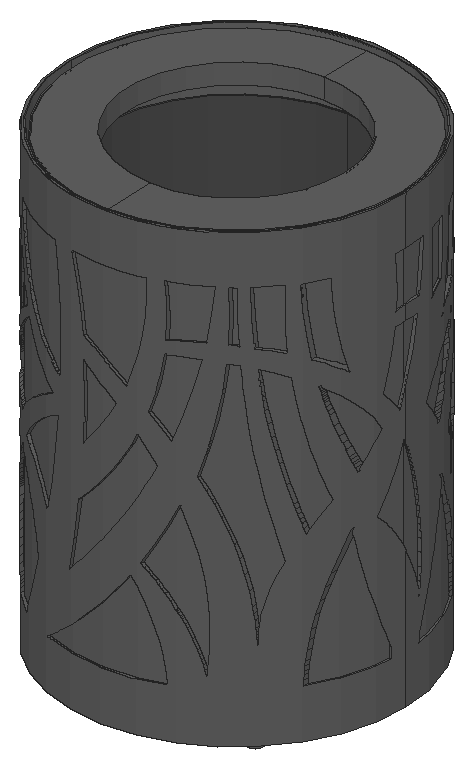
Revit family (continued)
Definition of nested family "Shell-Surface-SiteScapes-Circular-TallGrass_Large"
  Automatic sketch dimensions
    plane 11 "Pattern Bottom" to Extrusion 3 sketch curve = 0' - 2.26277"
    Extrusion 3 sketch curve to Extrusion 3 sketch curve = 0' - 0.10758"
    Extrusion 3 sketch curve to Extrusion 3 sketch curve = 0' - 0.3382"
    plane 11 "Pattern Bottom" to Extrusion 3 sketch curve = 0' - 1.92979"
    Extrusion 3 sketch curve to Extrusion 3 sketch curve = 0' - 0.1005"
    Extrusion 3 sketch curve to Extrusion 3 sketch curve = 0' - 0.16876"
    Extrusion 3 sketch curve to Extrusion 3 sketch curve = 0' - 2.06623"
    plane 11 "Pattern Bottom" to Extrusion 3 sketch curve = 0' - 1.62775"
    Extrusion 3 sketch curve to Extrusion 3 sketch curve = 0' - 0.08333"
    Extrusion 3 sketch curve to Extrusion 3 sketch curve = 0' - 0.14006"
    plane 11 "Pattern Bottom" to Extrusion 3 sketch curve = 0' - 1.29416"
    Extrusion 3 sketch curve to Extrusion 3 sketch curve = 0' - 0.08394"
    Extrusion 3 sketch curve to Extrusion 3 sketch curve = 0' - 0.44068"
    Extrusion 3 sketch curve to Extrusion 3 sketch curve = 0' - 0.11195"
    plane 11 "Pattern Bottom" to Extrusion 3 sketch curve = 0' - 0.91939"
    Extrusion 3 sketch curve to Extrusion 3 sketch curve = 0' - 0.08724"
    Extrusion 3 sketch curve to Extrusion 3 sketch curve = 0' - 0.20322"
    Extrusion 3 sketch curve to Extrusion 3 sketch curve = 0' - 0 125/256"
    Extrusion 3 sketch curve to Extrusion 3 sketch curve = 0' - 0.09718"
    plane 11 "Pattern Bottom" to Extrusion 3 sketch curve = 0' - 1.86901"
    Extrusion 3 sketch curve to Extrusion 3 sketch curve = 0' - 0.35099"
    Extrusion 3 sketch curve to Extrusion 3 sketch curve = 0' - 0.05785"
    plane 11 "Pattern Bottom" to Extrusion 3 sketch curve = 0' - 2.81573"
    Extrusion 3 sketch curve to Extrusion 3 sketch curve = 0' - 0.61666"
    Extrusion 3 sketch curve to Extrusion 3 sketch curve = 0' - 0.01933"
    Extrusion 3 sketch curve to Extrusion 3 sketch curve = 0' - 0.39552"
    Extrusion 3 sketch curve to Extrusion 3 sketch curve = 0' - 2.33645"
    Extrusion 3 sketch curve to Extrusion 3 sketch curve = 0' - 0.54932"
    Extrusion 3 sketch curve to Extrusion 3 sketch curve = 0' - 0.35224"
    Extrusion 3 sketch curve to Extrusion 3 sketch curve = 0' - 1.18148"
    Extrusion 3 sketch curve to Extrusion 3 sketch curve = 0' - 0.31342"
    Extrusion 3 sketch curve to Extrusion 3 sketch curve = 0' - 1.05905"
    Extrusion 3 sketch curve to Extrusion 3 sketch curve = 0' - 0.64618"
    Extrusion 3 sketch curve to Extrusion 3 sketch curve = 0' - 0.66222"
    Extrusion 3 sketch curve to Extrusion 3 sketch curve = 0' - 0.33216"
    Extrusion 3 sketch curve to Extrusion 3 sketch curve = 0' - 0.2789"
    Extrusion 3 sketch curve to Extrusion 3 sketch curve = 0' - 0.40935"
    Extrusion 3 sketch curve to plane 5 "Pattern Top" = 0' - 3.87979"
    Extrusion 3 sketch curve to Extrusion 3 sketch curve = 0' - 0.48674"
    Extrusion 3 sketch curve to Extrusion 3 sketch curve = 0' - 0.24282"
    Extrusion 3 sketch curve to Extrusion 3 sketch curve = 0' - 0.30083"
    Extrusion 3 sketch curve to Extrusion 3 sketch curve = 0' - 0.03243"
    Extrusion 3 sketch curve to Extrusion 3 sketch curve = 0' - 0.03109"
    Extrusion 3 sketch curve to Extrusion 3 sketch curve = 0' - 0.02976"
    Extrusion 3 sketch curve to Extrusion 3 sketch curve = 0' - 0.02947"
    Extrusion 3 sketch curve to Extrusion 3 sketch curve = 0' - 0.03727"
    Extrusion 3 sketch curve to Extrusion 3 sketch curve = 0' - 0.23064"
    Extrusion 3 sketch curve to Extrusion 3 sketch curve = 0' - 0.03935"
    Extrusion 3 sketch curve to Extrusion 3 sketch curve = 0' - 0.67847"
    Extrusion 3 sketch curve to Extrusion 3 sketch curve = 0' - 0.18838"
    Extrusion 3 sketch curve to Extrusion 3 sketch curve = 0' - 0.53778"
    Extrusion 3 sketch curve to Extrusion 3 sketch curve = 0' - 0.12534"
    Extrusion 3 sketch curve to Extrusion 3 sketch curve = 0' - 0.14796"
    Extrusion 3 sketch curve to Extrusion 3 sketch curve = 0' - 0.13946"
    Extrusion 3 sketch curve to Extrusion 3 sketch curve = 0' - 0.05257"
    Extrusion 3 sketch curve to Extrusion 3 sketch curve = 0' - 0.65496"
    Extrusion 3 sketch curve to Extrusion 3 sketch curve = 0' - 0.04508"
    Extrusion 3 sketch curve to Extrusion 3 sketch curve = 0' - 0.03835"
    Extrusion 3 sketch curve to Extrusion 3 sketch curve = 0' - 0.0151"
    Extrusion 3 sketch curve to Extrusion 3 sketch curve = 0' - 0.0123"
    Extrusion 3 sketch curve to Extrusion 3 sketch curve = 0' - 0.00966"
    Extrusion 3 sketch curve to Extrusion 3 sketch curve = 0' - 0.01061"
    Extrusion 3 sketch curve to Extrusion 3 sketch curve = 0' - 0.67354"
    Extrusion 3 sketch curve to Extrusion 3 sketch curve = 0' - 0.01155"
    Extrusion 3 sketch curve to Extrusion 3 sketch curve = 0' - 0.21067"
    Extrusion 3 sketch curve to Extrusion 3 sketch curve = 0' - 0.70954"
    Extrusion 3 sketch curve to Extrusion 3 sketch curve = 0' - 0.74804"
    Extrusion 3 sketch curve to Extrusion 3 sketch curve = 0' - 0.23297"
    Extrusion 3 sketch curve to Extrusion 3 sketch curve = 0' - 0 29/256"
    Extrusion 3 sketch curve to Extrusion 3 sketch curve = 0' - 0.83851"
    Extrusion 3 sketch curve to Extrusion 3 sketch curve = 0' - 0.25412"
    Extrusion 3 sketch curve to Extrusion 3 sketch curve = 0' - 0.85024"
    Extrusion 3 sketch curve to Extrusion 3 sketch curve = 0' - 0.85712"
    Extrusion 3 sketch curve to Extrusion 3 sketch curve = 0' - 0.27238"
    Extrusion 3 sketch curve to Extrusion 3 sketch curve = 0' - 0.15492"
    Extrusion 3 sketch curve to Extrusion 3 sketch curve = 0' - 1.4075"
    Extrusion 3 sketch curve to Extrusion 3 sketch curve = 0' - 0.28727"
    Extrusion 3 sketch curve to Extrusion 3 sketch curve = 0' - 0.82143"
    Extrusion 3 sketch curve to Extrusion 3 sketch curve = 0' - 1.31495"
    Extrusion 3 sketch curve to Extrusion 3 sketch curve = 0' - 1.22168"
    Extrusion 3 sketch curve to Extrusion 3 sketch curve = 0' - 0.0387"
    Extrusion 3 sketch curve to Extrusion 3 sketch curve = 0' - 0.0349"
    Extrusion 3 sketch curve to Extrusion 3 sketch curve = 0' - 0.8341"
    Extrusion 3 sketch curve to Extrusion 3 sketch curve = 0' - 0.03118"
    Extrusion 3 sketch curve to Extrusion 3 sketch curve = 0' - 0.03641"
    Extrusion 3 sketch curve to Extrusion 3 sketch curve = 0' - 0.07203"
    Extrusion 3 sketch curve to Extrusion 3 sketch curve = 0' - 0.04018"
    Extrusion 3 sketch curve to Extrusion 3 sketch curve = 0' - 0.073"
    Extrusion 3 sketch curve to Extrusion 3 sketch curve = 0' - 0.06199"
    Extrusion 3 sketch curve to Extrusion 3 sketch curve = 0' - 0.13933"
    Extrusion 3 sketch curve to plane 5 "Pattern Top" = 0' - 0.05086"
    Extrusion 3 sketch curve to Extrusion 3 sketch curve = 0' - 0.53899"
    Extrusion 3 sketch curve to Extrusion 3 sketch curve = 0' - 0.06902"
    Extrusion 3 sketch curve to plane 9 "Right" = 0' - 2.05674"
    plane 11 "Pattern Bottom" to Extrusion 3 sketch curve = 0' - 0.36959"
    Extrusion 3 sketch curve to Extrusion 3 sketch curve = 0' - 0.00876"
    Extrusion 3 sketch curve to Extrusion 3 sketch curve = 0' - 0.07788"
    plane 11 "Pattern Bottom" to Extrusion 3 sketch curve = 0' - 0.68954"
    Extrusion 3 sketch curve to Extrusion 3 sketch curve = 0' - 0.00994"
    plane 11 "Pattern Bottom" to Extrusion 3 sketch curve = 0' - 0.97224"
    Extrusion 3 sketch curve to Extrusion 3 sketch curve = 0' - 0.01167"
    Extrusion 3 sketch curve to Extrusion 3 sketch curve = 0' - 0.01686"
    Extrusion 3 sketch curve to Extrusion 3 sketch curve = 0' - 0.1559"
    Extrusion 3 sketch curve to Extrusion 3 sketch curve = 0' - 0.01984"
    Extrusion 3 sketch curve to Extrusion 3 sketch curve = 0' - 0.08621"
    Extrusion 3 sketch curve to Extrusion 3 sketch curve = 0' - 0.05242"
    Extrusion 3 sketch curve to Extrusion 3 sketch curve = 0' - 0.06612"
    Extrusion 3 sketch curve to Extrusion 3 sketch curve = 0' - 0.17005"
    Extrusion 3 sketch curve to Extrusion 3 sketch curve = 0' - 0.80155"
    Extrusion 3 sketch curve to Extrusion 3 sketch curve = 0' - 0.07895"
    Extrusion 3 sketch curve to Extrusion 3 sketch curve = 0' - 0.12399"
    Extrusion 3 sketch curve to Extrusion 3 sketch curve = 0' - 0.1813"
    Extrusion 3 sketch curve to Extrusion 3 sketch curve = 0' - 0.06818"
    Extrusion 3 sketch curve to Extrusion 3 sketch curve = 0' - 0.80778"
    Extrusion 3 sketch curve to Extrusion 3 sketch curve = 0' - 0.02475"
    Extrusion 3 sketch curve to Extrusion 3 sketch curve = 0' - 0.02127"
    Extrusion 3 sketch curve to Extrusion 3 sketch curve = 0' - 0.06889"
    Extrusion 3 sketch curve to Extrusion 3 sketch curve = 0' - 0.01786"
    Extrusion 3 sketch curve to Extrusion 3 sketch curve = 0' - 0.01577"
    Extrusion 3 sketch curve to Extrusion 3 sketch curve = 0' - 0.06929"
    Extrusion 3 sketch curve to Extrusion 3 sketch curve = 0' - 0.01969"
    Extrusion 3 sketch curve to Extrusion 3 sketch curve = 0' - 0.02015"
    Extrusion 3 sketch curve to Extrusion 3 sketch curve = 0' - 0.06989"
    Extrusion 3 sketch curve to Extrusion 3 sketch curve = 0' - 0.0206"
    Extrusion 3 sketch curve to Extrusion 3 sketch curve = 0' - 0.02104"
    Extrusion 3 sketch curve to Extrusion 3 sketch curve = 0' - 0.0769"
    Extrusion 3 sketch curve to Extrusion 3 sketch curve = 0' - 0.06831"
    Extrusion 3 sketch curve to Extrusion 3 sketch curve = 0' - 0.15757"
    Extrusion 3 sketch curve to Extrusion 3 sketch curve = 0' - 0.04545"
    Extrusion 3 sketch curve to Extrusion 3 sketch curve = 0' - 0.06086"
    Extrusion 3 sketch curve to Extrusion 3 sketch curve = 0' - 0.04634"
    Extrusion 3 sketch curve to Extrusion 3 sketch curve = 0' - 0.06721"
    Extrusion 3 sketch curve to Extrusion 3 sketch curve = 0' - 0.06464"
    Extrusion 3 sketch curve to Extrusion 3 sketch curve = 0' - 0.0459"
    Extrusion 3 sketch curve to Extrusion 3 sketch curve = 0' - 0.07213"
    Extrusion 3 sketch curve to Extrusion 3 sketch curve = 0' - 0.06791"
    Extrusion 3 sketch curve to Extrusion 3 sketch curve = 0' - 0 241/256"
    Extrusion 3 sketch curve to plane 5 "Pattern Top" = 0' - 0.35721"
    Extrusion 3 sketch curve to Extrusion 3 sketch curve = 0' - 0.00257"
    Extrusion 3 sketch curve to Extrusion 3 sketch curve = 0' - 0.16944"
    Extrusion 3 sketch curve to Extrusion 3 sketch curve = 0' - 0.00316"
    Extrusion 3 sketch curve to Extrusion 3 sketch curve = 0' - 0.00376"
    Extrusion 3 sketch curve to Extrusion 3 sketch curve = 0' - 0.00572"
    Extrusion 3 sketch curve to Extrusion 3 sketch curve = 0' - 0.00747"
    Extrusion 3 sketch curve to Extrusion 3 sketch curve = 0' - 0.07652"
    Extrusion 3 sketch curve to Extrusion 3 sketch curve = 0' - 0.03311"
    Extrusion 3 sketch curve to Extrusion 3 sketch curve = 0' - 0.12552"
    Extrusion 3 sketch curve to Extrusion 3 sketch curve = 0' - 0 3/64"
    Extrusion 3 sketch curve to Extrusion 3 sketch curve = 0' - 0.06887"
    Extrusion 3 sketch curve to Extrusion 3 sketch curve = 0' - 0.12794"
    Extrusion 3 sketch curve to Extrusion 3 sketch curve = 0' - 0.20403"
    Extrusion 3 sketch curve to Extrusion 3 sketch curve = 0' - 0.85195"
    Extrusion 3 sketch curve to Extrusion 3 sketch curve = 0' - 0.0857"
    Extrusion 3 sketch curve to plane 9 "Right" = 0' - 0.85091"
    Extrusion 3 sketch curve to Extrusion 3 sketch curve = 0' - 0.08548"
    Extrusion 3 sketch curve to Extrusion 3 sketch curve = 0' - 0.17891"
    Extrusion 3 sketch curve to Extrusion 3 sketch curve = 0' - 0.08598"
    Extrusion 3 sketch curve to plane 9 "Right" = 0' - 0.745"
    Extrusion 3 sketch curve to Extrusion 3 sketch curve = 0' - 0.03912"
    Extrusion 3 sketch curve to plane 9 "Right" = 0' - 0.70423"
    Extrusion 3 sketch curve to Extrusion 3 sketch curve = 0' - 0.03568"
    Extrusion 3 sketch curve to Extrusion 3 sketch curve = 0' - 0.03047"
    Extrusion 3 sketch curve to Extrusion 3 sketch curve = 0' - 0.15697"
    Extrusion 3 sketch curve to Extrusion 3 sketch curve = 0' - 0.03241"
    Extrusion 3 sketch curve to Extrusion 3 sketch curve = 0' - 0.02676"
    Extrusion 3 sketch curve to Extrusion 3 sketch curve = 0' - 0.02323"
    Extrusion 3 sketch curve to Extrusion 3 sketch curve = 0' - 0.03934"
    Extrusion 3 sketch curve to Extrusion 3 sketch curve = 0' - 0.02073"
    Extrusion 3 sketch curve to Extrusion 3 sketch curve = 0' - 0.02546"
    Extrusion 3 sketch curve to Extrusion 3 sketch curve = 0' - 0.04556"
    Extrusion 3 sketch curve to Extrusion 3 sketch curve = 0' - 0.02573"
    Extrusion 3 sketch curve to Extrusion 3 sketch curve = 0' - 0.13599"
    Extrusion 3 sketch curve to Extrusion 3 sketch curve = 0' - 0.06772"
    Extrusion 3 sketch curve to plane 9 "Right" = 0' - 0.4534"
    Extrusion 3 sketch curve to Extrusion 3 sketch curve = 0' - 0.06247"
    Extrusion 3 sketch curve to Extrusion 3 sketch curve = 0' - 0.03551"
    Extrusion 3 sketch curve to plane 9 "Right" = 0' - 0.35749"
    Extrusion 3 sketch curve to Extrusion 3 sketch curve = 0' - 0.02779"
    Extrusion 3 sketch curve to Extrusion 3 sketch curve = 0' - 0.03166"
    Extrusion 3 sketch curve to plane 9 "Right" = 0' - 0.28795"
    Extrusion 3 sketch curve to Extrusion 3 sketch curve = 0' - 0.03608"
    Extrusion 3 sketch curve to plane 9 "Right" = 0' - 0.22271"
    Extrusion 3 sketch curve to plane 9 "Right" = 0' - 0.16346"
    Extrusion 3 sketch curve to plane 9 "Right" = 0' - 0.15382"
    Extrusion 3 sketch curve to plane 9 "Right" = 0' - 0.1117"
    Extrusion 3 sketch curve to plane 9 "Right" = 0' - 0.06711"
    Extrusion 3 sketch curve to plane 9 "Right" = 0' - 0.03197"
    plane 11 "Pattern Bottom" to Extrusion 3 sketch curve = 0' - 2.83071"
    plane 9 "Right" to Extrusion 3 sketch curve = 0' - 10.48685"
    plane 11 "Pattern Bottom" to Extrusion 3 sketch curve = 0' - 11.58654"
    Extrusion 3 sketch curve to Extrusion 3 sketch curve = 2' - 8.6218"
    Extrusion 3 sketch curve to level = 0' - 3.03891"
    Extrusion 3 sketch curve to Extrusion 3 sketch curve = 0' - 0.05783"
    Extrusion 3 sketch curve to plane 5 "Pattern Top" = 0' - 1.34734"
    Extrusion 3 sketch curve to Extrusion 3 sketch curve = 0' - 6.73729"
    plane 5 "Pattern Top" to Extrusion 3 sketch curve = 0' - 1.38233"
    Extrusion 3 sketch curve to Extrusion 3 sketch curve = 0' - 7.50415"
    Extrusion 3 sketch curve to Extrusion 3 sketch curve = 0' - 4.273"
    Extrusion 3 sketch curve to plane 5 "Pattern Top" = 0' - 0.84021"
    Extrusion 3 sketch curve to Extrusion 3 sketch curve = 0' - 0.56775"
    Extrusion 3 sketch curve to Extrusion 3 sketch curve = 0' - 0.26445"
    Extrusion 3 sketch curve to plane 5 "Pattern Top" = 0' - 0.73883"
    Extrusion 3 sketch curve to Extrusion 3 sketch curve = 0' - 0.10284"
    Extrusion 3 sketch curve to Extrusion 3 sketch curve = 0' - 0.22254"
    Extrusion 3 sketch curve to Extrusion 3 sketch curve = 0' - 0.53859"
    Extrusion 3 sketch curve to Extrusion 3 sketch curve = 0' - 0.24433"
    Extrusion 3 sketch curve to Extrusion 3 sketch curve = 0' - 0.25891"
    Extrusion 3 sketch curve to Extrusion 3 sketch curve = 0' - 0.35206"
    Extrusion 3 sketch curve to Extrusion 3 sketch curve = 0' - 0.53744"
    Extrusion 3 sketch curve to Extrusion 3 sketch curve = 0' - 0.37741"
    Extrusion 3 sketch curve to Extrusion 3 sketch curve = 0' - 0.19253"
    Extrusion 3 sketch curve to Extrusion 3 sketch curve = 0' - 0.53629"
    Extrusion 3 sketch curve to Extrusion 3 sketch curve = 0' - 0.17316"
    Extrusion 3 sketch curve to Extrusion 3 sketch curve = 0' - 0.82348"
    Extrusion 3 sketch curve to Extrusion 3 sketch curve = 0' - 0.20614"
    Extrusion 3 sketch curve to Extrusion 3 sketch curve = 0' - 0.37726"
    Extrusion 3 sketch curve to Extrusion 3 sketch curve = 0' - 1.52063"
    Extrusion 3 sketch curve to Extrusion 3 sketch curve = 0' - 0.10808"
    Extrusion 3 sketch curve to Extrusion 3 sketch curve = 0' - 0 137/256"
    Extrusion 3 sketch curve to Extrusion 3 sketch curve = 0' - 0.65724"
    Extrusion 3 sketch curve to Extrusion 3 sketch curve = 0' - 0.71817"
    Extrusion 3 sketch curve to Extrusion 3 sketch curve = 0' - 0.81884"
    Extrusion 3 sketch curve to Extrusion 3 sketch curve = 0' - 0.49232"
    Extrusion 3 sketch curve to Extrusion 3 sketch curve = 0' - 0.32695"
    Extrusion 3 sketch curve to Extrusion 3 sketch curve = 0' - 0.02594"
    Extrusion 3 sketch curve to Extrusion 3 sketch curve = 0' - 0.64465"
    Extrusion 3 sketch curve to Extrusion 3 sketch curve = 0' - 0.48239"
    Extrusion 3 sketch curve to Extrusion 3 sketch curve = 0' - 0.7"
    Extrusion 3 sketch curve to Extrusion 3 sketch curve = 0' - 0.9251"
    Extrusion 3 sketch curve to Extrusion 3 sketch curve = 0' - 0.47076"
    Extrusion 3 sketch curve to Extrusion 3 sketch curve = 0' - 0.63576"
    Extrusion 3 sketch curve to Extrusion 3 sketch curve = 0' - 0.05605"
    Extrusion 3 sketch curve to Extrusion 3 sketch curve = 0' - 0.02521"
    Extrusion 3 sketch curve to Extrusion 3 sketch curve = 0' - 0.68182"
    Extrusion 3 sketch curve to Extrusion 3 sketch curve = 0' - 0.27126"
    Extrusion 3 sketch curve to Extrusion 3 sketch curve = 0' - 0.25656"
    Extrusion 3 sketch curve to Extrusion 3 sketch curve = 0' - 0.6231"
    Extrusion 3 sketch curve to Extrusion 3 sketch curve = 0' - 0.95479"
    Extrusion 3 sketch curve to Extrusion 3 sketch curve = 0' - 0.33993"
    Extrusion 3 sketch curve to Extrusion 3 sketch curve = 0' - 1.11065"
    Extrusion 3 sketch curve to Extrusion 3 sketch curve = 0' - 0.24563"
    Extrusion 3 sketch curve to Extrusion 3 sketch curve = 0' - 0.17879"
    Extrusion 3 sketch curve to Extrusion 3 sketch curve = 0' - 0.66364"
    Extrusion 3 sketch curve to Extrusion 3 sketch curve = 0' - 2.66627"
    Extrusion 3 sketch curve to Extrusion 3 sketch curve = 0' - 0.34355"
    Extrusion 3 sketch curve to Extrusion 3 sketch curve = 0' - 0.07939"
    Extrusion 3 sketch curve to Extrusion 3 sketch curve = 0' - 2.29491"
    Extrusion 3 sketch curve to Extrusion 3 sketch curve = 0' - 0.28045"
    Extrusion 3 sketch curve to Extrusion 3 sketch curve = 0' - 0.0816"
    Extrusion 3 sketch curve to Extrusion 3 sketch curve = 0' - 0.06624"
    Extrusion 3 sketch curve to Extrusion 3 sketch curve = 0' - 0.24804"
    Extrusion 3 sketch curve to Extrusion 3 sketch curve = 0' - 0.3414"
    Extrusion 3 sketch curve to Extrusion 3 sketch curve = 0' - 0.56285"
    Extrusion 3 sketch curve to Extrusion 3 sketch curve = 0' - 0.2123"
    Extrusion 3 sketch curve to Extrusion 3 sketch curve = 0' - 0.49865"
    Extrusion 3 sketch curve to Extrusion 3 sketch curve = 0' - 0.90335"
    Extrusion 3 sketch curve to Extrusion 3 sketch curve = 0' - 0.17796"
    Extrusion 3 sketch curve to Extrusion 3 sketch curve = 0' - 0.20723"
    Extrusion 3 sketch curve to Extrusion 3 sketch curve = 0' - 0.45124"
    Extrusion 3 sketch curve to Extrusion 3 sketch curve = 0' - 0.5418"
    Extrusion 3 sketch curve to Extrusion 3 sketch curve = 0' - 0.99078"
    Extrusion 3 sketch curve to Extrusion 3 sketch curve = 0' - 0.24521"
    Extrusion 3 sketch curve to Extrusion 3 sketch curve = 0' - 1.04898"
    Extrusion 3 sketch curve to Extrusion 3 sketch curve = 0' - 0.24655"
    Extrusion 3 sketch curve to Extrusion 3 sketch curve = 0' - 0.1731"
    Extrusion 3 sketch curve to Extrusion 3 sketch curve = 0' - 0.40383"
    Extrusion 3 sketch curve to Extrusion 3 sketch curve = 0' - 0.40379"
    Extrusion 3 sketch curve to Extrusion 3 sketch curve = 0' - 0.14868"
    Extrusion 3 sketch curve to Extrusion 3 sketch curve = 0' - 0.89233"
    Extrusion 3 sketch curve to Extrusion 3 sketch curve = 0' - 0.52074"
    Extrusion 3 sketch curve to Extrusion 3 sketch curve = 0' - 0.13093"
    Extrusion 3 sketch curve to plane 5 "Pattern Top" = 0' - 6.75624"
    Extrusion 3 sketch curve to Extrusion 3 sketch curve = 0' - 1.64209"
    Extrusion 3 sketch curve to Extrusion 3 sketch curve = 0' - 0.53739"
    Extrusion 3 sketch curve to Extrusion 3 sketch curve = 0' - 0.15819"
    Extrusion 3 sketch curve to Extrusion 3 sketch curve = 0' - 0.36902"
    Extrusion 3 sketch curve to Extrusion 3 sketch curve = 0' - 0.35068"
    Extrusion 3 sketch curve to Extrusion 3 sketch curve = 0' - 0.16216"
    Extrusion 3 sketch curve to Extrusion 3 sketch curve = 0' - 0.13271"
    Extrusion 3 sketch curve to Extrusion 3 sketch curve = 0' - 0.31877"
    Extrusion 3 sketch curve to Extrusion 3 sketch curve = 0' - 0.49968"
    Extrusion 3 sketch curve to Extrusion 3 sketch curve = 0' - 0.12286"
    Extrusion 3 sketch curve to Extrusion 3 sketch curve = 0' - 0.29758"
    Extrusion 3 sketch curve to Extrusion 3 sketch curve = 0' - 0.05616"
    Extrusion 3 sketch curve to Extrusion 3 sketch curve = 0' - 0.52487"
    Extrusion 3 sketch curve to Extrusion 3 sketch curve = 0' - 0.39515"
    Extrusion 3 sketch curve to Extrusion 3 sketch curve = 0' - 0.43368"
    Extrusion 3 sketch curve to Extrusion 3 sketch curve = 0' - 0.08675"
    Extrusion 3 sketch curve to Extrusion 3 sketch curve = 0' - 0.15372"
    Extrusion 3 sketch curve to Extrusion 3 sketch curve = 0' - 0.35555"
    Extrusion 3 sketch curve to Extrusion 3 sketch curve = 0' - 1.16227"
    Extrusion 3 sketch curve to Extrusion 3 sketch curve = 0' - 0.09722"
    Extrusion 3 sketch curve to Extrusion 3 sketch curve = 0' - 0.12841"
    Extrusion 3 sketch curve to Extrusion 3 sketch curve = 0' - 0.09629"
    Extrusion 3 sketch curve to Extrusion 3 sketch curve = 0' - 0.32607"
    Extrusion 3 sketch curve to Extrusion 3 sketch curve = 0' - 0.10761"
    Extrusion 3 sketch curve to Extrusion 3 sketch curve = 0' - 0.1121"
    Extrusion 3 sketch curve to Extrusion 3 sketch curve = 0' - 0.53207"
    Extrusion 3 sketch curve to Extrusion 3 sketch curve = 0' - 0.46042"
    Extrusion 3 sketch curve to Extrusion 3 sketch curve = 0' - 0.43023"
    Extrusion 3 sketch curve to Extrusion 3 sketch curve = 0' - 0.13804"
    Extrusion 3 sketch curve to Extrusion 3 sketch curve = 0' - 0.37114"
    Extrusion 3 sketch curve to Extrusion 3 sketch curve = 0' - 0.34289"
    Extrusion 3 sketch curve to Extrusion 3 sketch curve = 0' - 0.13947"
    Extrusion 3 sketch curve to Extrusion 3 sketch curve = 0' - 0.36108"
    Extrusion 3 sketch curve to Extrusion 3 sketch curve = 0' - 0.14089"
    Extrusion 3 sketch curve to Extrusion 3 sketch curve = 0' - 0.38718"
    Extrusion 3 sketch curve to Extrusion 3 sketch curve = 0' - 0.14231"
    Extrusion 3 sketch curve to Extrusion 3 sketch curve = 0' - 0.8945"
    Extrusion 3 sketch curve to Extrusion 3 sketch curve = 0' - 0.48064"
    Extrusion 3 sketch curve to Extrusion 3 sketch curve = 0' - 0.50078"
    Extrusion 3 sketch curve to Extrusion 3 sketch curve = 0' - 0.37655"
    Extrusion 3 sketch curve to Extrusion 3 sketch curve = 0' - 0.15097"
    Extrusion 3 sketch curve to Extrusion 3 sketch curve = 0' - 0.1467"
    Extrusion 3 sketch curve to Extrusion 3 sketch curve = 0' - 0.3028"
    Extrusion 3 sketch curve to Extrusion 3 sketch curve = 0' - 0.12098"
    Extrusion 3 sketch curve to Extrusion 3 sketch curve = 0' - 1.16882"
    Extrusion 3 sketch curve to Extrusion 3 sketch curve = 0' - 0.50086"
    Extrusion 3 sketch curve to Extrusion 3 sketch curve = 0' - 0.5391"
    Extrusion 3 sketch curve to Extrusion 3 sketch curve = 0' - 0.39516"
    Extrusion 3 sketch curve to Extrusion 3 sketch curve = 0' - 0.13854"
    Extrusion 3 sketch curve to Extrusion 3 sketch curve = 0' - 0.30339"
    Extrusion 3 sketch curve to Extrusion 3 sketch curve = 0' - 0.33695"
    Extrusion 3 sketch curve to Extrusion 3 sketch curve = 0' - 1.42437"
    Extrusion 3 sketch curve to Extrusion 3 sketch curve = 0' - 0.30829"
    Extrusion 3 sketch curve to Extrusion 3 sketch curve = 0' - 0.17765"
    Extrusion 3 sketch curve to Extrusion 3 sketch curve = 0' - 0.30825"
    Extrusion 3 sketch curve to Extrusion 3 sketch curve = 0' - 0.29553"
    Extrusion 3 sketch curve to Extrusion 3 sketch curve = 0' - 0.24992"
    Extrusion 3 sketch curve to Extrusion 3 sketch curve = 0' - 0.41253"
    Extrusion 3 sketch curve to Extrusion 3 sketch curve = 0' - 0.52109"
    Extrusion 3 sketch curve to Extrusion 3 sketch curve = 0' - 0.30987"
    Extrusion 3 sketch curve to Extrusion 3 sketch curve = 0' - 0.03018"
    Extrusion 3 sketch curve to Extrusion 3 sketch curve = 0' - 0.23925"
    Extrusion 3 sketch curve to Extrusion 3 sketch curve = 0' - 0.25931"
    Extrusion 3 sketch curve to Extrusion 3 sketch curve = 0' - 0.24699"
    Extrusion 3 sketch curve to Extrusion 3 sketch curve = 0' - 0.50281"
    Extrusion 3 sketch curve to Extrusion 3 sketch curve = 0' - 0.15455"
    Extrusion 3 sketch curve to Extrusion 3 sketch curve = 0' - 0.2879"
    Extrusion 3 sketch curve to Extrusion 3 sketch curve = 0' - 0.07405"
    Extrusion 3 sketch curve to Extrusion 3 sketch curve = 0' - 0.11728"
    Extrusion 3 sketch curve to Extrusion 3 sketch curve = 0' - 0.13029"
    Extrusion 3 sketch curve to Extrusion 3 sketch curve = 0' - 1.08793"
    Extrusion 3 sketch curve to Extrusion 3 sketch curve = 0' - 0.0719"
    Extrusion 3 sketch curve to Extrusion 3 sketch curve = 0' - 0.17134"
    Extrusion 3 sketch curve to Extrusion 3 sketch curve = 0' - 0.15925"
    Extrusion 3 sketch curve to Extrusion 3 sketch curve = 0' - 0.32634"
    Extrusion 3 sketch curve to Extrusion 3 sketch curve = 0' - 0.37928"
    Extrusion 3 sketch curve to Extrusion 3 sketch curve = 0' - 0.19512"
    Extrusion 3 sketch curve to Extrusion 3 sketch curve = 0' - 0.14479"
    Extrusion 3 sketch curve to Extrusion 3 sketch curve = 0' - 0.36478"
    Extrusion 3 sketch curve to Extrusion 3 sketch curve = 0' - 1.64543"
    Extrusion 3 sketch curve to Extrusion 3 sketch curve = 0' - 0.12302"
    Extrusion 3 sketch curve to Extrusion 3 sketch curve = 0' - 0.77941"
    Extrusion 3 sketch curve to Extrusion 3 sketch curve = 0' - 0.10695"
    Extrusion 3 sketch curve to Extrusion 3 sketch curve = 0' - 0.29457"
    Extrusion 3 sketch curve to Extrusion 3 sketch curve = 0' - 0.13075"
    Extrusion 3 sketch curve to Extrusion 3 sketch curve = 0' - 0.90571"
    Extrusion 3 sketch curve to Extrusion 3 sketch curve = 0' - 0.13565"
    Extrusion 3 sketch curve to Extrusion 3 sketch curve = 0' - 0.21313"
    Extrusion 3 sketch curve to Extrusion 3 sketch curve = 0' - 0.10659"
    Extrusion 3 sketch curve to Extrusion 3 sketch curve = 0' - 0.45862"
    Extrusion 3 sketch curve to Extrusion 3 sketch curve = 0' - 0.51439"
    Extrusion 3 sketch curve to Extrusion 3 sketch curve = 0' - 0.21618"
    Extrusion 3 sketch curve to Extrusion 3 sketch curve = 0' - 0.29855"
    Extrusion 3 sketch curve to Extrusion 3 sketch curve = 0' - 0.79527"
    Extrusion 3 sketch curve to Extrusion 3 sketch curve = 0' - 1.08605"
    Extrusion 3 sketch curve to Extrusion 3 sketch curve = 0' - 0.19977"
    Extrusion 3 sketch curve to Extrusion 3 sketch curve = 0' - 0.31219"
    Extrusion 3 sketch curve to Extrusion 3 sketch curve = 0' - 0.19562"
    Extrusion 3 sketch curve to Extrusion 3 sketch curve = 0' - 0.51031"
    Extrusion 3 sketch curve to Extrusion 3 sketch curve = 0' - 0.90179"
    Extrusion 3 sketch curve to Extrusion 3 sketch curve = 0' - 0.22831"
    Extrusion 3 sketch curve to Extrusion 3 sketch curve = 0' - 0.32725"
    Extrusion 3 sketch curve to Extrusion 3 sketch curve = 0' - 0.77246"
    Extrusion 3 sketch curve to Extrusion 3 sketch curve = 0' - 0.26101"
    Extrusion 3 sketch curve to Extrusion 3 sketch curve = 0' - 0.48857"
    Extrusion 3 sketch curve to Extrusion 3 sketch curve = 0' - 0.51404"
    Extrusion 3 sketch curve to Extrusion 3 sketch curve = 0' - 1.01539"
    Extrusion 3 sketch curve to Extrusion 3 sketch curve = 0' - 0.45476"
    Extrusion 3 sketch curve to Extrusion 3 sketch curve = 0' - 0.23506"
    Extrusion 3 sketch curve to Extrusion 3 sketch curve = 0' - 0.67034"
    Extrusion 3 sketch curve to Extrusion 3 sketch curve = 0' - 0.38056"
    Extrusion 3 sketch curve to Extrusion 3 sketch curve = 0' - 0.21491"
    Extrusion 3 sketch curve to Extrusion 3 sketch curve = 0' - 0.40795"
    Extrusion 3 sketch curve to Extrusion 3 sketch curve = 0' - 0.74964"
    Extrusion 3 sketch curve to Extrusion 3 sketch curve = 0' - 0.48166"
    Extrusion 3 sketch curve to Extrusion 3 sketch curve = 0' - 0.19505"
    Extrusion 3 sketch curve to Extrusion 3 sketch curve = 0' - 0.37753"
    Extrusion 3 sketch curve to Extrusion 3 sketch curve = 0' - 0.36467"
    Extrusion 3 sketch curve to Extrusion 3 sketch curve = 0' - 0.99041"
    Extrusion 3 sketch curve to Extrusion 3 sketch curve = 0' - 0.2392"
    Extrusion 3 sketch curve to Extrusion 3 sketch curve = 0' - 0.0096"
    Extrusion 3 sketch curve to Extrusion 3 sketch curve = 0' - 0.04076"
    Extrusion 3 sketch curve to Extrusion 3 sketch curve = 0' - 0.05995"
    Extrusion 3 sketch curve to Extrusion 3 sketch curve = 0' - 0.26725"
    Extrusion 3 sketch curve to Extrusion 3 sketch curve = 0' - 0.09111"
    Extrusion 3 sketch curve to Extrusion 3 sketch curve = 0' - 0.06771"
    Extrusion 3 sketch curve to Extrusion 3 sketch curve = 0' - 0.08929"
    Extrusion 3 sketch curve to Extrusion 3 sketch curve = 0' - 0.37687"
    Extrusion 3 sketch curve to Extrusion 3 sketch curve = 0' - 0.50856"
    Extrusion 3 sketch curve to Extrusion 3 sketch curve = 0' - 0.3214"
    Extrusion 3 sketch curve to Extrusion 3 sketch curve = 0' - 0.11086"
    Extrusion 3 sketch curve to Extrusion 3 sketch curve = 0' - 0.85211"
    Extrusion 3 sketch curve to Extrusion 3 sketch curve = 0' - 0.07576"
    Extrusion 3 sketch curve to Extrusion 3 sketch curve = 0' - 0.72683"
    Extrusion 3 sketch curve to Extrusion 3 sketch curve = 0' - 0.0838"
    Extrusion 3 sketch curve to Extrusion 3 sketch curve = 0' - 0.08344"
    Extrusion 3 sketch curve to Extrusion 3 sketch curve = 0' - 0.36343"
    Extrusion 3 sketch curve to Extrusion 3 sketch curve = 0' - 0.49934"
    Extrusion 3 sketch curve to Extrusion 3 sketch curve = 0' - 0.32911"
    Extrusion 3 sketch curve to Extrusion 3 sketch curve = 0' - 0.01154"
    Extrusion 3 sketch curve to Extrusion 3 sketch curve = 0' - 0.014"
    Extrusion 3 sketch curve to Extrusion 3 sketch curve = 0' - 0.09383"
    Extrusion 3 sketch curve to Extrusion 3 sketch curve = 0' - 0.02159"
    Extrusion 3 sketch curve to Extrusion 3 sketch curve = 0' - 0.02985"
    Extrusion 3 sketch curve to Extrusion 3 sketch curve = 0' - 0.1162"
    Extrusion 3 sketch curve to Extrusion 3 sketch curve = 0' - 0.10677"
    Extrusion 3 sketch curve to Extrusion 3 sketch curve = 0' - 0.74561"
    Extrusion 3 sketch curve to Extrusion 3 sketch curve = 0' - 0.35248"
    Extrusion 3 sketch curve to Extrusion 3 sketch curve = 0' - 0.15055"
    Extrusion 3 sketch curve to Extrusion 3 sketch curve = 0' - 0.52802"
    Extrusion 3 sketch curve to Extrusion 3 sketch curve = 0' - 0.35138"
    Extrusion 3 sketch curve to Extrusion 3 sketch curve = 0' - 0.16873"
    Extrusion 3 sketch curve to Extrusion 3 sketch curve = 0' - 0.86073"
    Extrusion 3 sketch curve to Extrusion 3 sketch curve = 0' - 0.37564"
    Extrusion 3 sketch curve to Extrusion 3 sketch curve = 0' - 0.34612"
    Extrusion 3 sketch curve to Extrusion 3 sketch curve = 0' - 0.19925"
    Extrusion 3 sketch curve to Extrusion 3 sketch curve = 0' - 0.16184"
    Extrusion 3 sketch curve to Extrusion 3 sketch curve = 0' - 0.51301"
    Extrusion 3 sketch curve to Extrusion 3 sketch curve = 0' - 0.22976"
    Extrusion 3 sketch curve to Extrusion 3 sketch curve = 0' - 1.16391"
    Extrusion 3 sketch curve to Extrusion 3 sketch curve = 0' - 0.3988"
    Extrusion 3 sketch curve to Extrusion 3 sketch curve = 0' - 0.26027"
    Extrusion 3 sketch curve to Extrusion 3 sketch curve = 0' - 0.35627"
    Extrusion 3 sketch curve to Extrusion 3 sketch curve = 0' - 1.0569"
    Extrusion 3 sketch curve to Extrusion 3 sketch curve = 0' - 0.29628"
    Extrusion 3 sketch curve to Extrusion 3 sketch curve = 0' - 0.49714"
    Extrusion 3 sketch curve to Extrusion 3 sketch curve = 0' - 0.17647"
    Extrusion 3 sketch curve to Extrusion 3 sketch curve = 0' - 0.25133"
    Extrusion 3 sketch curve to Extrusion 3 sketch curve = 0' - 0.86935"
    Extrusion 3 sketch curve to Extrusion 3 sketch curve = 0' - 0 9/64"
    Extrusion 3 sketch curve to Extrusion 3 sketch curve = 0' - 0.35718"
    Extrusion 3 sketch curve to Extrusion 3 sketch curve = 0' - 0.87046"
    Extrusion 3 sketch curve to Extrusion 3 sketch curve = 0' - 0.22915"
    Extrusion 3 sketch curve to Extrusion 3 sketch curve = 0' - 0.1258"
    Extrusion 3 sketch curve to Extrusion 3 sketch curve = 0' - 0 31/256"
    Extrusion 3 sketch curve to Extrusion 3 sketch curve = 0' - 0.20962"
    Extrusion 3 sketch curve to Extrusion 3 sketch curve = 0' - 0.1504"
    Extrusion 3 sketch curve to Extrusion 3 sketch curve = 0' - 0.22683"
    Extrusion 3 sketch curve to Extrusion 3 sketch curve = 0' - 0.29934"
    Extrusion 3 sketch curve to Extrusion 3 sketch curve = 0' - 0.25351"
    Extrusion 3 sketch curve to Extrusion 3 sketch curve = 0' - 0.19131"
    Extrusion 3 sketch curve to Extrusion 3 sketch curve = 0' - 0.40302"
    Extrusion 3 sketch curve to Extrusion 3 sketch curve = 0' - 0.32917"
    Extrusion 3 sketch curve to Extrusion 3 sketch curve = 0' - 0.21556"
    Extrusion 3 sketch curve to Extrusion 3 sketch curve = 0' - 0.88533"
    Extrusion 3 sketch curve to Extrusion 3 sketch curve = 0' - 0.61251"
    Extrusion 3 sketch curve to Extrusion 3 sketch curve = 0' - 0.85688"
    Extrusion 3 sketch curve to Extrusion 3 sketch curve = 0' - 0.24892"
    Extrusion 3 sketch curve to Extrusion 3 sketch curve = 0' - 0.14321"
    Extrusion 3 sketch curve to Extrusion 3 sketch curve = 0' - 0.36999"
    Extrusion 3 sketch curve to Extrusion 3 sketch curve = 0' - 0.40956"
    Extrusion 3 sketch curve to Extrusion 3 sketch curve = 0' - 0.24204"
    Extrusion 3 sketch curve to Extrusion 3 sketch curve = 0' - 0.11861"
    Extrusion 3 sketch curve to Extrusion 3 sketch curve = 0' - 0.09565"
    Extrusion 3 sketch curve to Extrusion 3 sketch curve = 0' - 0.11889"
    Extrusion 3 sketch curve to Extrusion 3 sketch curve = 0' - 0.31756"
    Extrusion 3 sketch curve to Extrusion 3 sketch curve = 0' - 0.21473"
    Extrusion 3 sketch curve to Extrusion 3 sketch curve = 0' - 0.16151"
    Extrusion 3 sketch curve to Extrusion 3 sketch curve = 0' - 0.64197"
    Extrusion 3 sketch curve to Extrusion 3 sketch curve = 0' - 0.8398"
    Extrusion 3 sketch curve to Extrusion 3 sketch curve = 0' - 0.4215"
    Extrusion 3 sketch curve to Extrusion 3 sketch curve = 0' - 0.90884"
    Extrusion 3 sketch curve to Extrusion 3 sketch curve = 0' - 0.21765"
    Extrusion 3 sketch curve to Extrusion 3 sketch curve = 0' - 0.35032"
    Extrusion 3 sketch curve to Extrusion 3 sketch curve = 0' - 0.22062"
    Extrusion 3 sketch curve to Extrusion 3 sketch curve = 0' - 0.58982"
    Extrusion 3 sketch curve to Extrusion 3 sketch curve = 0' - 0.38436"
    Extrusion 3 sketch curve to Extrusion 3 sketch curve = 0' - 0.66689"
    Extrusion 3 sketch curve to Extrusion 3 sketch curve = 0' - 0.64765"
    Extrusion 3 sketch curve to Extrusion 3 sketch curve = 0' - 0.76458"
    Extrusion 3 sketch curve to Extrusion 3 sketch curve = 0' - 0.51686"
    Extrusion 3 sketch curve to Extrusion 3 sketch curve = 0' - 0.33893"
    Extrusion 3 sketch curve to Extrusion 3 sketch curve = 0' - 0.60025"
    Extrusion 3 sketch curve to Extrusion 3 sketch curve = 0' - 0.92296"
    Extrusion 3 sketch curve to Extrusion 3 sketch curve = 0' - 0.2935"
    Extrusion 3 sketch curve to Extrusion 3 sketch curve = 0' - 0.63618"
    Extrusion 3 sketch curve to Extrusion 3 sketch curve = 0' - 0.53665"
    Extrusion 3 sketch curve to Extrusion 3 sketch curve = 0' - 1.44754"
    Extrusion 3 sketch curve to Extrusion 3 sketch curve = 0' - 0.25881"
    Extrusion 3 sketch curve to Extrusion 3 sketch curve = 0' - 0.61375"
    Extrusion 3 sketch curve to Extrusion 3 sketch curve = 0' - 0.77209"
    Extrusion 3 sketch curve to Extrusion 3 sketch curve = 0' - 0.3145"
    Extrusion 3 sketch curve to Extrusion 3 sketch curve = 0' - 0.55474"
    Extrusion 3 sketch curve to Extrusion 3 sketch curve = 0' - 0.36861"
    Extrusion 3 sketch curve to Extrusion 3 sketch curve = 0' - 0.62471"
    Extrusion 3 sketch curve to Extrusion 3 sketch curve = 0' - 0 81/256"
    Extrusion 3 sketch curve to Extrusion 3 sketch curve = 0' - 1.04805"
    Extrusion 3 sketch curve to Extrusion 3 sketch curve = 0' - 0.24501"
    Extrusion 3 sketch curve to Extrusion 3 sketch curve = 0' - 0.37371"
    Extrusion 3 sketch curve to Extrusion 3 sketch curve = 0' - 0.77791"
    Extrusion 3 sketch curve to Extrusion 3 sketch curve = 0' - 0.23089"
    Extrusion 3 sketch curve to Extrusion 3 sketch curve = 0' - 0.51309"
    Extrusion 3 sketch curve to Extrusion 3 sketch curve = 0' - 0.61196"
    Extrusion 3 sketch curve to Extrusion 3 sketch curve = 0' - 0.21677"
    Extrusion 3 sketch curve to Extrusion 3 sketch curve = 0' - 0.38492"
    Extrusion 3 sketch curve to Extrusion 3 sketch curve = 0' - 0.17752"
    Extrusion 3 sketch curve to Extrusion 3 sketch curve = 0' - 0.23619"
    Extrusion 3 sketch curve to Extrusion 3 sketch curve = 0' - 0.69438"
    Extrusion 3 sketch curve to Extrusion 3 sketch curve = 0' - 0.50675"
    Extrusion 3 sketch curve to Extrusion 3 sketch curve = 0' - 0.16284"
    Extrusion 3 sketch curve to Extrusion 3 sketch curve = 0' - 1.06009"
    Extrusion 3 sketch curve to Extrusion 3 sketch curve = 0' - 0.62382"
    Extrusion 3 sketch curve to Extrusion 3 sketch curve = 0' - 0.78372"
    Extrusion 3 sketch curve to Extrusion 3 sketch curve = 0' - 0.24399"
    Extrusion 3 sketch curve to Extrusion 3 sketch curve = 0' - 0.14949"
    Extrusion 3 sketch curve to Extrusion 3 sketch curve = 0' - 0.60603"
    Extrusion 3 sketch curve to Extrusion 3 sketch curve = 0' - 0.25711"
    Extrusion 3 sketch curve to Extrusion 3 sketch curve = 0' - 0.30567"
    Extrusion 3 sketch curve to Extrusion 3 sketch curve = 0' - 0.18618"
    Extrusion 3 sketch curve to Extrusion 3 sketch curve = 0' - 0.24813"
    Extrusion 3 sketch curve to Extrusion 3 sketch curve = 0' - 0.21636"
    Extrusion 3 sketch curve to Extrusion 3 sketch curve = 0' - 0.84341"
    Extrusion 3 sketch curve to Extrusion 3 sketch curve = 0' - 0.27084"
    Extrusion 3 sketch curve to Extrusion 3 sketch curve = 0' - 0.22286"
    Extrusion 3 sketch curve to Extrusion 3 sketch curve = 0' - 0.36466"
    Extrusion 3 sketch curve to Extrusion 3 sketch curve = 0' - 0.25288"
    Extrusion 3 sketch curve to Extrusion 3 sketch curve = 0' - 0.23756"
    Extrusion 3 sketch curve to Extrusion 3 sketch curve = 0' - 0.24575"
    Extrusion 3 sketch curve to Extrusion 3 sketch curve = 0' - 0.64035"
    Extrusion 3 sketch curve to Extrusion 3 sketch curve = 0' - 0.25949"
    Extrusion 3 sketch curve to Extrusion 3 sketch curve = 0' - 0.28283"
    Extrusion 3 sketch curve to Extrusion 3 sketch curve = 0' - 0.93948"
    Extrusion 3 sketch curve to Extrusion 3 sketch curve = 0' - 0.50903"
    Extrusion 3 sketch curve to Extrusion 3 sketch curve = 0' - 0.47431"
    Extrusion 3 sketch curve to Extrusion 3 sketch curve = 0' - 1.07147"
    Extrusion 3 sketch curve to Extrusion 3 sketch curve = 0' - 0.10333"
    Extrusion 3 sketch curve to Extrusion 3 sketch curve = 0' - 0.28325"
    Extrusion 3 sketch curve to Extrusion 3 sketch curve = 0' - 0.85865"
    Extrusion 3 sketch curve to Extrusion 3 sketch curve = 0' - 0.10085"
    Extrusion 3 sketch curve to Extrusion 3 sketch curve = 0' - 0.65689"
    Extrusion 3 sketch curve to Extrusion 3 sketch curve = 0' - 0.4813"
    Extrusion 3 sketch curve to Extrusion 3 sketch curve = 0' - 0.48764"
    Extrusion 3 sketch curve to Extrusion 3 sketch curve = 0' - 0.47393"
    Extrusion 3 sketch curve to Extrusion 3 sketch curve = 0' - 0.60536"
    Extrusion 3 sketch curve to Extrusion 3 sketch curve = 0' - 0.61049"
    Extrusion 3 sketch curve to Extrusion 3 sketch curve = 0' - 0.93803"
    Extrusion 3 sketch curve to Extrusion 3 sketch curve = 0' - 0.45356"
    Extrusion 3 sketch curve to Extrusion 3 sketch curve = 0' - 0.50097"
    Extrusion 3 sketch curve to Extrusion 3 sketch curve = 0' - 0.47542"
    Extrusion 3 sketch curve to Extrusion 3 sketch curve = 0' - 0.87388"
    Extrusion 3 sketch curve to Extrusion 3 sketch curve = 0' - 0.90137"
    Extrusion 3 sketch curve to Extrusion 3 sketch curve = 0' - 0.60906"
    Extrusion 3 sketch curve to Extrusion 3 sketch curve = 0' - 0.47917"
    Extrusion 3 sketch curve to Extrusion 3 sketch curve = 0' - 0.62444"
    Extrusion 3 sketch curve to Extrusion 3 sketch curve = 0' - 0.48443"
    Extrusion 3 sketch curve to Extrusion 3 sketch curve = 0' - 0.65414"
    Extrusion 3 sketch curve to Extrusion 3 sketch curve = 0' - 0.22291"
    Extrusion 3 sketch curve to Extrusion 3 sketch curve = 0' - 0.94093"
    Extrusion 3 sketch curve to Extrusion 3 sketch curve = 0' - 0.488"
    Extrusion 3 sketch curve to Extrusion 3 sketch curve = 0' - 0.20458"
    Extrusion 3 sketch curve to Extrusion 3 sketch curve = 0' - 0.59323"
    Extrusion 3 sketch curve to Extrusion 3 sketch curve = 0' - 0.88911"
    Extrusion 3 sketch curve to Extrusion 3 sketch curve = 0' - 0.63603"
    Extrusion 3 sketch curve to Extrusion 3 sketch curve = 0' - 0.89442"
    Extrusion 3 sketch curve to Extrusion 3 sketch curve = 0' - 0.18689"
    Extrusion 3 sketch curve to Extrusion 3 sketch curve = 0' - 0.67111"
    Extrusion 3 sketch curve to Extrusion 3 sketch curve = 0' - 0 59/256"
    Extrusion 3 sketch curve to Extrusion 3 sketch curve = 0' - 0.49114"
    Extrusion 3 sketch curve to Extrusion 3 sketch curve = 0' - 0.5774"
    Extrusion 3 sketch curve to Extrusion 3 sketch curve = 0' - 0.67175"
    Extrusion 3 sketch curve to Extrusion 3 sketch curve = 0' - 0.69228"
    Extrusion 3 sketch curve to Extrusion 3 sketch curve = 0' - 0.49335"
    Extrusion 3 sketch curve to Extrusion 3 sketch curve = 0' - 0.88161"
    Extrusion 3 sketch curve to Extrusion 3 sketch curve = 0' - 0.6275"
    Extrusion 3 sketch curve to Extrusion 3 sketch curve = 0' - 0.67682"
    Extrusion 3 sketch curve to Extrusion 3 sketch curve = 0' - 0.50851"
    Extrusion 3 sketch curve to Extrusion 3 sketch curve = 0' - 0.70021"
    Extrusion 3 sketch curve to Extrusion 3 sketch curve = 0' - 0.58285"
    Extrusion 3 sketch curve to Extrusion 3 sketch curve = 0' - 0.86253"
    Extrusion 3 sketch curve to Extrusion 3 sketch curve = 0' - 0.51072"
    Extrusion 3 sketch curve to Extrusion 3 sketch curve = 0' - 0.64693"
    Extrusion 3 sketch curve to Extrusion 3 sketch curve = 0' - 0.32166"
    Extrusion 3 sketch curve to Extrusion 3 sketch curve = 0' - 0.8773"
    plane 7 "Front" to Extrusion 4 sketch curve = 0' - 7.83185"
    Extrusion 4 sketch curve to plane 1 "Center (Front/Back)" = 0' - 0.96402"
    Extrusion 4 sketch curve to Extrusion 4 sketch curve = 0' - 0.24079"
    Extrusion 4 sketch curve to Extrusion 4 sketch curve = 0' - 0.21792"
    Extrusion 4 sketch curve to Extrusion 4 sketch curve = 0' - 0.19528"
    Extrusion 4 sketch curve to Extrusion 4 sketch curve = 0' - 0.202"
    Extrusion 4 sketch curve to Extrusion 4 sketch curve = 0' - 0.19855"
    Extrusion 4 sketch curve to Extrusion 4 sketch curve = 0' - 0.19195"
    Extrusion 4 sketch curve to Extrusion 4 sketch curve = 0' - 0.18585"
    Extrusion 4 sketch curve to Extrusion 4 sketch curve = 0' - 0.32386"
    Extrusion 4 sketch curve to Extrusion 4 sketch curve = 0' - 0.30193"
    Extrusion 4 sketch curve to plane 1 "Center (Front/Back)" = 0' - 3.20073"
    Extrusion 4 sketch curve to Extrusion 4 sketch curve = 0' - 0.28037"
    Extrusion 4 sketch curve to Extrusion 4 sketch curve = 0' - 0.12112"
    Extrusion 4 sketch curve to Extrusion 4 sketch curve = 0' - 0.09988"
    Extrusion 4 sketch curve to Extrusion 4 sketch curve = 0' - 0.08008"
    Extrusion 4 sketch curve to Extrusion 4 sketch curve = 0' - 0.09235"
    Extrusion 4 sketch curve to Extrusion 4 sketch curve = 0' - 0.3249"
    Extrusion 4 sketch curve to Extrusion 4 sketch curve = 0' - 0.22149"
    Extrusion 4 sketch curve to Extrusion 4 sketch curve = 0' - 0.28924"
    Extrusion 4 sketch curve to Extrusion 4 sketch curve = 0' - 0.19782"
    Extrusion 4 sketch curve to Extrusion 4 sketch curve = 0' - 0 65/256"
    Extrusion 4 sketch curve to Extrusion 4 sketch curve = 0' - 0.19773"
    Extrusion 4 sketch curve to Extrusion 4 sketch curve = 0' - 0.10758"
    plane 11 "Pattern Bottom" to Extrusion 4 sketch curve = 0' - 1.92979"
    Extrusion 4 sketch curve to Extrusion 4 sketch curve = 0' - 0.1005"
    Extrusion 4 sketch curve to Extrusion 4 sketch curve = 0' - 0.16876"
    plane 11 "Pattern Bottom" to Extrusion 4 sketch curve = 0' - 1.62775"
    Extrusion 4 sketch curve to Extrusion 4 sketch curve = 0' - 0.08333"
    Extrusion 4 sketch curve to Extrusion 4 sketch curve = 0' - 0.14006"
    plane 11 "Pattern Bottom" to Extrusion 4 sketch curve = 0' - 1.29416"
    Extrusion 4 sketch curve to Extrusion 4 sketch curve = 0' - 0.08394"
    Extrusion 4 sketch curve to Extrusion 4 sketch curve = 0' - 0.11195"
    plane 11 "Pattern Bottom" to Extrusion 4 sketch curve = 0' - 0.91939"
    Extrusion 4 sketch curve to Extrusion 4 sketch curve = 0' - 0.08724"
    Extrusion 4 sketch curve to Extrusion 4 sketch curve = 0' - 0.09718"
    plane 11 "Pattern Bottom" to Extrusion 4 sketch curve = 0' - 1.86901"
    Extrusion 4 sketch curve to Extrusion 4 sketch curve = 0' - 0.35099"
    Extrusion 4 sketch curve to Extrusion 4 sketch curve = 0' - 0.05785"
    Extrusion 4 sketch curve to Extrusion 4 sketch curve = 0' - 0.61666"
    Extrusion 4 sketch curve to Extrusion 4 sketch curve = 0' - 0.01933"
    Extrusion 4 sketch curve to Extrusion 4 sketch curve = 0' - 0.33298"
    Extrusion 4 sketch curve to Extrusion 4 sketch curve = 0' - 0.32831"
    Extrusion 4 sketch curve to Extrusion 4 sketch curve = 0' - 0.22465"
    Extrusion 4 sketch curve to Extrusion 4 sketch curve = 0' - 0.68623"
    Extrusion 4 sketch curve to Extrusion 4 sketch curve = 0' - 0.94382"
    Extrusion 4 sketch curve to Extrusion 4 sketch curve = 0' - 0.67111"
    Extrusion 4 sketch curve to Extrusion 4 sketch curve = 0' - 0.65414"
    Extrusion 4 sketch curve to Extrusion 4 sketch curve = 0' - 0.94093"
    Extrusion 4 sketch curve to Extrusion 4 sketch curve = 0' - 0.50097"
    Extrusion 4 sketch curve to Extrusion 4 sketch curve = 0' - 0.48764"
    Extrusion 4 sketch curve to Extrusion 4 sketch curve = 0' - 0.93803"
    Extrusion 4 sketch curve to Extrusion 4 sketch curve = 0' - 0.47431"
    Extrusion 4 sketch curve to Extrusion 4 sketch curve = 0' - 0.25288"
    Extrusion 4 sketch curve to Extrusion 4 sketch curve = 0' - 0.24813"
    Extrusion 4 sketch curve to Extrusion 4 sketch curve = 0' - 0.93948"
    Extrusion 4 sketch curve to Extrusion 4 sketch curve = 0' - 0.24399"
    Extrusion 4 sketch curve to Extrusion 4 sketch curve = 0' - 0.23619"
    Extrusion 4 sketch curve to Extrusion 4 sketch curve = 0' - 0.21677"
    Extrusion 4 sketch curve to Extrusion 4 sketch curve = 0' - 0.78372"
    Extrusion 4 sketch curve to Extrusion 4 sketch curve = 0' - 0.23089"
    Extrusion 4 sketch curve to Extrusion 4 sketch curve = 0' - 0.24501"
    Extrusion 4 sketch curve to Extrusion 4 sketch curve = 0' - 0.77791"
    Extrusion 4 sketch curve to Extrusion 4 sketch curve = 0' - 0.77209"
    Extrusion 4 sketch curve to Extrusion 4 sketch curve = 0' - 0.76458"
    Extrusion 4 sketch curve to Extrusion 4 sketch curve = 0' - 0.66353"
    Extrusion 4 sketch curve to Extrusion 4 sketch curve = 0' - 0.65793"
    Extrusion 4 sketch curve to Extrusion 4 sketch curve = 0' - 0.25351"
    Extrusion 4 sketch curve to Extrusion 4 sketch curve = 0' - 0.20962"
    Extrusion 4 sketch curve to Extrusion 4 sketch curve = 0' - 0.25133"
    Extrusion 4 sketch curve to Extrusion 4 sketch curve = 0' - 0.29628"
    Extrusion 4 sketch curve to plane 5 "Pattern Top" = 0' - 9.03576"
    Extrusion 4 sketch curve to Extrusion 4 sketch curve = 3' - 5.1013"
    plane 7 "Front" to Extrusion 4 sketch curve = 0' - 1.54417"
    plane 1 "Center (Front/Back)" to Extrusion 4 sketch curve = 0' - 4.30193"
    Extrusion 4 sketch curve to Extrusion 4 sketch curve = 0' - 0.2708"
    Extrusion 4 sketch curve to Extrusion 4 sketch curve = 0' - 0.24718"
    Extrusion 4 sketch curve to Extrusion 4 sketch curve = 0' - 0.2232"
    plane 1 "Center (Front/Back)" to Extrusion 4 sketch curve = 0' - 3.46896"
    Extrusion 4 sketch curve to Extrusion 4 sketch curve = 0' - 0.1996"
    Extrusion 4 sketch curve to Extrusion 4 sketch curve = 0' - 0.26187"
    Extrusion 4 sketch curve to Extrusion 4 sketch curve = 0' - 0.23257"
    Extrusion 4 sketch curve to Extrusion 4 sketch curve = 0' - 0.22209"
    Extrusion 4 sketch curve to Extrusion 4 sketch curve = 0' - 0.191"
    Extrusion 4 sketch curve to Extrusion 4 sketch curve = 0' - 0.44629"
    Extrusion 4 sketch curve to Extrusion 4 sketch curve = 0' - 0.21895"
    Extrusion 4 sketch curve to Extrusion 4 sketch curve = 0' - 0.21431"
    Extrusion 4 sketch curve to Extrusion 4 sketch curve = 0' - 0.43518"
    Extrusion 4 sketch curve to Extrusion 4 sketch curve = 0' - 0.44188"
    Extrusion 4 sketch curve to Extrusion 4 sketch curve = 0' - 0.50758"
    Extrusion 4 sketch curve to Extrusion 4 sketch curve = 0' - 0.42471"
    Extrusion 4 sketch curve to Extrusion 4 sketch curve = 0' - 0.49229"
    Extrusion 4 sketch curve to Extrusion 4 sketch curve = 0' - 0.40627"
    plane 1 "Center (Front/Back)" to Extrusion 4 sketch curve = 0' - 0.77096"
    plane 1 "Center (Front/Back)" to Extrusion 4 sketch curve = 0' - 0.57604"
    plane 1 "Center (Front/Back)" to Extrusion 4 sketch curve = 0' - 0.18962"
    plane 1 "Center (Front/Back)" to Extrusion 4 sketch curve = 0' - 0.10134"
    Extrusion 4 sketch curve to plane 1 "Center (Front/Back)" = 0' - 0.33599"
    Extrusion 4 sketch curve to plane 1 "Center (Front/Back)" = 0' - 0.36287"
    Extrusion 4 sketch curve to plane 1 "Center (Front/Back)" = 0' - 0.73596"
    Extrusion 4 sketch curve to plane 1 "Center (Front/Back)" = 0' - 0.88387"
    Extrusion 4 sketch curve to Extrusion 4 sketch curve = 0' - 0.19625"
    Extrusion 4 sketch curve to Extrusion 4 sketch curve = 0' - 0.19318"
    Extrusion 4 sketch curve to Extrusion 4 sketch curve = 0' - 0.17545"
    Extrusion 4 sketch curve to Extrusion 4 sketch curve = 0' - 0.16535"
    Extrusion 4 sketch curve to Extrusion 4 sketch curve = 0' - 0.18211"
    Extrusion 4 sketch curve to Extrusion 4 sketch curve = 0' - 0.19861"
    plane 11 "Pattern Bottom" to Extrusion 4 sketch curve = 0' - 4.5609"
    Extrusion 4 sketch curve to Extrusion 4 sketch curve = 0' - 2 61/256"
    Extrusion 4 sketch curve to Extrusion 4 sketch curve = 0' - 0.28141"
    Extrusion 4 sketch curve to Extrusion 4 sketch curve = 0' - 0.25949"
    Extrusion 4 sketch curve to Extrusion 4 sketch curve = 0' - 0.23756"
    Extrusion 4 sketch curve to Extrusion 4 sketch curve = 0' - 0.21636"
    Extrusion 4 sketch curve to Extrusion 4 sketch curve = 0' - 0.25711"
    Extrusion 4 sketch curve to Extrusion 4 sketch curve = 0' - 0.50675"
    Extrusion 4 sketch curve to Extrusion 4 sketch curve = 0' - 0.51309"
    Extrusion 4 sketch curve to Extrusion 4 sketch curve = 0' - 0.62471"
    Extrusion 4 sketch curve to Extrusion 4 sketch curve = 0' - 0.63618"
    Extrusion 4 sketch curve to Extrusion 4 sketch curve = 0' - 0.64765"
    Extrusion 4 sketch curve to Extrusion 4 sketch curve = 0' - 0.8398"
    Extrusion 4 sketch curve to Extrusion 4 sketch curve = 0' - 0.24892"
    Extrusion 4 sketch curve to Extrusion 4 sketch curve = 0' - 0.21556"
    Extrusion 4 sketch curve to Extrusion 4 sketch curve = 0' - 0.19131"
    Extrusion 4 sketch curve to Extrusion 4 sketch curve = 0' - 0.22683"
    Extrusion 4 sketch curve to Extrusion 4 sketch curve = 0' - 0.85688"
    Extrusion 4 sketch curve to Extrusion 4 sketch curve = 0' - 0.22915"
    Extrusion 4 sketch curve to Extrusion 4 sketch curve = 0' - 0.49714"
    Extrusion 4 sketch curve to Extrusion 4 sketch curve = 0' - 0.87046"
    Extrusion 4 sketch curve to Extrusion 4 sketch curve = 0' - 0.34612"
    Extrusion 4 sketch curve to Extrusion 4 sketch curve = 0' - 0.51301"
    Extrusion 4 sketch curve to Extrusion 4 sketch curve = 0' - 0.35138"
    Extrusion 4 sketch curve to Extrusion 4 sketch curve = 0' - 0.52802"
    Extrusion 4 sketch curve to Extrusion 4 sketch curve = 0' - 0.32911"
    Extrusion 4 sketch curve to Extrusion 4 sketch curve = 0' - 0.3214"
    Extrusion 4 sketch curve to Extrusion 4 sketch curve = 0' - 0.72683"
    Extrusion 4 sketch curve to Extrusion 4 sketch curve = 0' - 0.36467"
    Extrusion 4 sketch curve to Extrusion 4 sketch curve = 0' - 0.40795"
    Extrusion 4 sketch curve to Extrusion 4 sketch curve = 0' - 0.74964"
    Extrusion 4 sketch curve to Extrusion 4 sketch curve = 0' - 0.77246"
    Extrusion 4 sketch curve to plane 11 "Pattern Bottom" = 0' - 0"
    Extrusion 4 sketch curve to Extrusion 4 sketch curve = 0' - 2.23178"
    plane 11 "Pattern Bottom" to Extrusion 4 sketch curve = 0' - 0.23715"
    Extrusion 4 sketch curve to Extrusion 4 sketch curve = 0' - 0.31351"
    plane 11 "Pattern Bottom" to Extrusion 4 sketch curve = 0' - 0.45186"
    Extrusion 4 sketch curve to Extrusion 4 sketch curve = 0' - 0.28142"
    plane 11 "Pattern Bottom" to Extrusion 4 sketch curve = 0' - 0.64413"
    Extrusion 4 sketch curve to Extrusion 4 sketch curve = 0' - 0.24824"
    plane 11 "Pattern Bottom" to Extrusion 4 sketch curve = 0' - 0.84618"
    Extrusion 4 sketch curve to Extrusion 4 sketch curve = 0' - 0.25511"
    plane 11 "Pattern Bottom" to Extrusion 4 sketch curve = 0' - 1.06732"
    Extrusion 4 sketch curve to Extrusion 4 sketch curve = 0' - 0.27422"
    plane 11 "Pattern Bottom" to Extrusion 4 sketch curve = 0' - 1.29022"
    Extrusion 4 sketch curve to Extrusion 4 sketch curve = 0' - 0.27125"
    plane 11 "Pattern Bottom" to Extrusion 4 sketch curve = 0' - 1.87307"
    Extrusion 4 sketch curve to Extrusion 4 sketch curve = 0' - 0.68459"
    Extrusion 4 sketch curve to Extrusion 4 sketch curve = 0' - 0.67529"
    Extrusion 4 sketch curve to Extrusion 4 sketch curve = 0' - 0.66108"
    Extrusion 4 sketch curve to Extrusion 4 sketch curve = 0' - 0.57551"
    Extrusion 4 sketch curve to Extrusion 4 sketch curve = 0' - 0.55983"
    Extrusion 4 sketch curve to Extrusion 4 sketch curve = 0' - 0 139/256"
    plane 1 "Center (Front/Back)" to Extrusion 4 sketch curve = 0' - 0.6824"
    plane 1 "Center (Front/Back)" to Extrusion 4 sketch curve = 0' - 0.17827"
    Extrusion 4 sketch curve to plane 1 "Center (Front/Back)" = 0' - 0.32091"
    Extrusion 4 sketch curve to Extrusion 4 sketch curve = 0' - 0.18865"
    Extrusion 4 sketch curve to Extrusion 4 sketch curve = 0' - 0.16078"
    Extrusion 4 sketch curve to Extrusion 4 sketch curve = 0' - 0.13848"
    Extrusion 4 sketch curve to Extrusion 4 sketch curve = 0' - 0.1508"
    Extrusion 4 sketch curve to Extrusion 4 sketch curve = 0' - 0.14304"
    Extrusion 4 sketch curve to Extrusion 4 sketch curve = 0' - 0.28182"
    Extrusion 4 sketch curve to Extrusion 4 sketch curve = 0' - 0.25319"
    Extrusion 4 sketch curve to Extrusion 4 sketch curve = 0' - 0.22381"
    Extrusion 4 sketch curve to Extrusion 4 sketch curve = 0' - 0 53/256"
    Extrusion 4 sketch curve to Extrusion 4 sketch curve = 0' - 0.17264"
    Extrusion 4 sketch curve to Extrusion 4 sketch curve = 0' - 0.13868"
    plane 11 "Pattern Bottom" to Extrusion 4 sketch curve = 0' - 0.72398"
    Extrusion 4 sketch curve to Extrusion 4 sketch curve = 0' - 0.1051"
    Extrusion 4 sketch curve to Extrusion 4 sketch curve = 0' - 0.07182"
    Extrusion 4 sketch curve to Extrusion 4 sketch curve = 0' - 0.71606"
    Extrusion 4 sketch curve to Extrusion 4 sketch curve = 0' - 0.70813"
    Extrusion 4 sketch curve to Extrusion 4 sketch curve = 0' - 0.60616"
    Extrusion 4 sketch curve to Extrusion 4 sketch curve = 0' - 0.70021"
